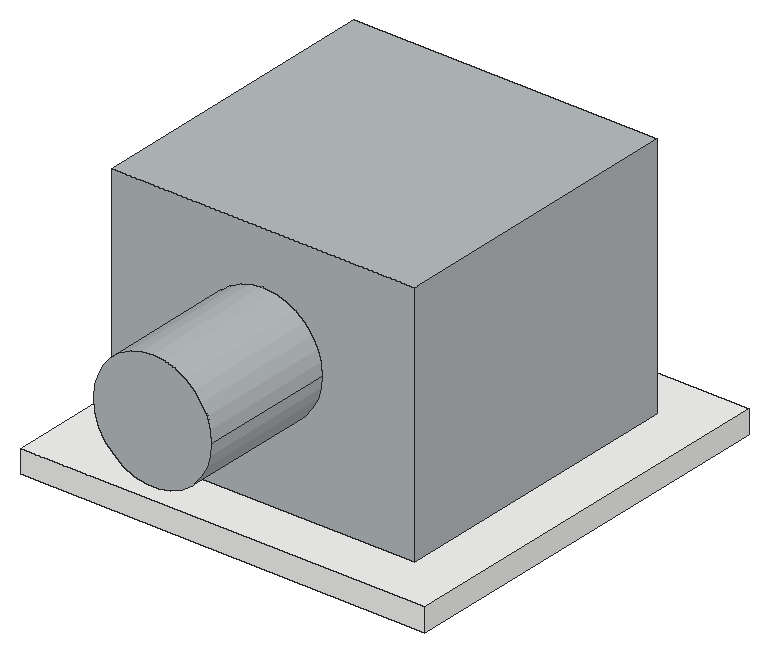
Revit family "vd-15_23zvx6_zvx7-c_50Hz", category 機械設備, Revit 2019
Family settings
  丸型コネクタ寸法 = 直径を使用
  パーツ タイプ = 標準
  OmniClass 番号 = 23.75.35.17.27
  OmniClass タイトル = Centrifugal Fans
  作業面ベース = いいえ
  常に垂直 = はい
  ロード時にボイドで切り取り = いいえ
  共有 = いいえ
  部屋計算ポイント = はい
Parameters (values of type "VD-15ZVX7-C")
  騒音レベル(dB(A)) [instance] = 41.5
  風量 [instance] = 280.0 m³/h
  電源種別 [instance] = ""
  電圧 = 100 V
  電動機出力 = 18.2 W
  電動機_種別 [instance] = ""
  運転質量 = 0.00 kg
  連動 [instance] = ""
  質量 = if(製品質量 > 運転質量, 製品質量, 運転質量) * 1.2  # 3.84 kg
  負荷分類 = 3_ファン類
  説明 = "ダクト用換気扇 低騒音形 インテリア格子タイプ 24時間換気機能付 定風量タイプ"
  設計風量 [instance] = 0.0 m³/h
  設置方法 = "天埋"
  記号 [instance] = ""
  製造元 = "三菱電機株式会社"
  製品質量 = 3.20 kg
  製品出荷対象 = "国内"
  製品リリース年月 = "2024年6月3日"
  製品グループ = ""
  系統 [instance] = ""
  符号 [instance] = if(☑給気／□排気, "FS", "FE")  # "FE"
  積算_科目 = "2 換気設備"
  積算_拾い区分 [instance] = ""
  相 = 1
  盤記号 [instance] = ""
  発停方法 [instance] = ""
  特殊仕様 [instance] = ""
  火災停止 [instance] = ""
  消費電力 = 20 W
  法定耐用年数 = "15"
  機外静圧 [instance] = 0.0 Pa
  極数 = 2
  材質 [instance] = ""
  操作・制御方式 = ""
  操作・制御スイッチ = ""
  排気量 [instance] = if(☑給気／□排気, 0.0 m³/h, 設計風量)  # 0.0 m³/h
  形式 = "天井埋込ダクト形"
  幹線記号 [instance] = ""
  対象室 [instance] = ""
  実風量 [instance] = 0.0 m³/h
  始動方式 [instance] = "直入"
  外気量 [instance] = if(☑給気／□排気, 設計風量, 0.0 m³/h)  # 0.0 m³/h
  呼称 = "天井扇"
  周波数 = 50 Hz
  参照している仕様書等のバージョン = ""
  分類コード = "50052503100030"
  分類グループ = ""
  価格 = 46800
  企業コード = "108420"
  付属品_防振装置 = ""
  付属品 [instance] = ""
  仕様書バージョン = "Version1.0"
  モデル = "VD-15ZVX7-C"
  マテリアル = 鋼板
  ファンの種類 = ""
  ダクト径 = 100 mm
  コメント [instance] = ""
  Keynote = ""
  カバーマテリアル = 合成樹脂(白)
  ☑給気／□排気 [instance] = no
  Width = 251 mm
  W1 = 335 mm
  Version = ""
  Uniclass2015Version = "Systems v1.9"
  Uniclass2015Title = "Centrifugal fans"
  Uniclass2015Code = "Pr_65_67_29_12"
  URL = "https://www.mitsubishielectric.co.jp/ldg/wink/ssl/displayProduct.do?pid=333632"
  SpecificationReference = ""
  SpecificationDescription = ""
  Revision = ""
  ProductInformation = ""
  OmniClassCode = "23-33 31 19 11 15"
  OAサイズ_D = 0 mm
  MIN風量 = 85.0 m³/h
  MIN静圧 = 110.0 Pa
  MID風量 = 160.0 m³/h
  MID静圧 = 135.0 Pa
  MAX風量 = 280.0 m³/h
  MAX静圧 = 0.0 Pa
  IfcTypeProduct = ""
  IfcProduct = ""
  IfcExportType = "PROPELLORAXIAL"
  IfcExportAs = "IfcFanType"
  Height = 204 mm
  H1 = 19 mm
  EAサイズ_D = 98 mm
  Duct_Height = 111 mm
  Duct_Depth = 114 mm
  Duct_Center = 0 mm
  Depth = 251 mm
  D1 = 335 mm
  Author = "三菱電機株式会社"
Types (5, lengths in mm): name | 騒音レベル(dB(A)) | 風量 | 電動機出力 | 質量 | 製品質量 | 製品リリース年月 | 消費電力 | 価格 | モデル | ダクト径 | Width | W1 | URL | MIN風量 | MIN静圧 | MID風量 | MID静圧 | MAX風量 | Height | H1 | EAサイズ_D | Duct_Height | Duct_Depth | Duct_Center | Depth | D1
  VD-15ZVX7-C | 41.5 | 280.0 m³/h | 18.2 W | 3.84 kg | 3.20 kg | "2024年6月3日" | 20 W | 46800 | "VD-15ZVX7-C" | 100 | 251 | 335 | "https://www.mitsubishielectric.co.jp/ldg/wink/ssl/displayProduct.do?pid=333632" | 85.0 m³/h | 110.0 Pa | 160.0 m³/h | 135.0 Pa | 280.0 m³/h | 204 | 19 | 98 | 111 | 114 | 0 | 251 | 335
  VD-18ZVX7-C | 39.5 | 430.0 m³/h | 17.6 W | 5.16 kg | 4.30 kg | "2024年6月3日" | 21 W | 55400 | "VD-18ZVX7-C" | 150 | 270 | 335 | "https://www.mitsubishielectric.co.jp/ldg/wink/ssl/displayProduct.do?pid=333662" | 180.0 m³/h | 60.0 Pa | 300.0 m³/h | 70.0 Pa | 430.0 m³/h | 243 | 19 | 144 | 135 | 142 | 67 | 270 | 335
  VD-20ZVX7-C | 45 | 550.0 m³/h | 32.5 W | 5.88 kg | 4.90 kg | "2024年6月3日" | 40 W | 66400 | "VD-20ZVX7-C" | 150 | 307 | 380 | "https://www.mitsubishielectric.co.jp/ldg/wink/ssl/displayProduct.do?pid=333530" | 230.0 m³/h | 80.0 Pa | 340.0 m³/h | 85.0 Pa | 550.0 m³/h | 243 | 20 | 144 | 135 | 142 | 86 | 307 | 380
  VD-23ZVX6-C | 48.5 | 800.0 m³/h | 65 W | 9.36 kg | 7.80 kg | "2022年6月1日" | 80 W | 89400 | "VD-23ZVX6-C" | 150 | 386 | 475 | "https://www.mitsubishielectric.co.jp/ldg/wink/ssl/displayProduct.do?pid=320795" | 260.0 m³/h | 90.0 Pa | 460.0 m³/h | 150.0 Pa | 800.0 m³/h | 266 | 22 | 144 | 162 | 142 | 111 | 386 | 475
  VD-25ZVX6-C | 51 | 900.0 m³/h | 60.5 W | 9.48 kg | 7.90 kg | "2022年6月1日" | 77 W | 92900 | "VD-25ZVX6-C" | 200 | 386 | 475 | "https://www.mitsubishielectric.co.jp/ldg/wink/ssl/displayProduct.do?pid=320808" | 360.0 m³/h | 70.0 Pa | 650.0 m³/h | 70.0 Pa | 900.0 m³/h | 266 | 22 | 192 | 162 | 85 | 111 | 386 | 475
Reference planes
  plane 1 "中心(正面/背面)": y = 0
  plane 2: z = 0
  plane 3 "中心(左/右)": x = 0
  plane 4: x = -167.5
  plane 5: x = 167.5
  plane 6: y = 167.5
  plane 7: y = -167.5
  plane 8: x = -125.5
  plane 9: x = 125.5
  plane 10: y = 125.5
  plane 11: y = -125.5
  plane 12: y = -239.5
  plane 13: z = 204
  plane 14: z = -19
  plane 15: z = 111
  plane 16: x = 0
Forms (mm)
  Extrusion 1, solid, material "鋼板" <- "マテリアル", detail levels fine
    sketch origin (0, 0, 0) x (1, 0, 0) y (0, 1, 0)
      loop
        line (-125.5, 125.5) -> (-125.5, -125.5) -> (125.5, -125.5) -> (125.5, 125.5) -> (-125.5, 125.5)
    from 0 to 204
  Extrusion 2, solid, material "合成樹脂(白)" <- "カバーマテリアル", detail levels fine
    sketch origin (0, 0, 0) x (1, 0, 0) y (0, 1, 0)
      loop
        line (-167.5, 167.5) -> (-167.5, -167.5) -> (167.5, -167.5) -> (167.5, 167.5) -> (-167.5, 167.5)
    from 0 to -19
  Extrusion 3, solid, material "鋼板" <- "マテリアル", detail levels fine
    sketch origin (0, 0, 0) x (1, 0, 0) y (0, 0, 1)
      loop
        circle (0, 111) r 49
    from 125.5 to 239.5
Dimensions and locks
  equal spacing: plane 4, plane 3 "中心(左/右)", plane 5
  "W1": plane 4 to plane 5
  equal spacing: plane 6, plane 1 "中心(正面/背面)", plane 7
  "D1": plane 6 to plane 7
  equal spacing: plane 8, plane 3 "中心(左/右)", plane 9
  "Width": plane 8 to plane 9
  equal spacing: plane 10, plane 1 "中心(正面/背面)", plane 11
  "Depth": plane 10 to plane 11
  "Duct_Depth": plane 11 to plane 12
  "Height": plane 13 to plane 2
  "Duct_Height": plane 15 to plane 2
  "H1": plane 2 to plane 14
  "Duct_Center": plane 3 "中心(左/右)" to plane 16
  "EAサイズ_D": diameter of Extrusion 3 sketch curve
  aligned and locked: level to plane 2
  aligned and locked: plane 5 to Extrusion 2
  aligned and locked: plane 6 to Extrusion 2
  aligned and locked: Extrusion 2 to plane 4
  aligned and locked: Extrusion 2 to plane 7
  aligned and locked: plane 9 to Extrusion 1
  aligned and locked: Extrusion 1 to plane 11
  aligned and locked: Extrusion 1 to plane 8
  aligned and locked: plane 10 to Extrusion 1
  aligned and locked: plane 13 to Extrusion 1
  aligned and locked: Extrusion 2 to plane 14
  aligned and locked: level to Extrusion 2
  aligned and locked: Extrusion 1 to level
  aligned and locked: Extrusion 3 to plane 12
  aligned and locked: plane 11 to Extrusion 3
Automatic sketch dimensions
  Extrusion 1 sketch curve to plane 3 "中心(左/右)" = 125.5 mm
  plane 3 "中心(左/右)" to Extrusion 1 sketch curve = 125.5 mm
  Extrusion 2 sketch curve to plane 3 "中心(左/右)" = 167.5 mm
  plane 3 "中心(左/右)" to Extrusion 2 sketch curve = 167.5 mm
  plane 1 "中心(正面/背面)" to Extrusion 1 sketch curve = 125.5 mm
  Extrusion 1 sketch curve to plane 1 "中心(正面/背面)" = 125.5 mm
  plane 1 "中心(正面/背面)" to Extrusion 2 sketch curve = 167.5 mm
  Extrusion 2 sketch curve to plane 1 "中心(正面/背面)" = 167.5 mm
  Extrusion 3 sketch curve to plane 15 = 0 mm
  Extrusion 3 sketch curve to plane 16 = 0 mm
Nested families
  nested 1: "記号_天井換気扇_平面" at (0, 0, 0), type "記号_天井換気扇_平面", detail levels coarse+medium
Connectors
  hvac at (0, -239.5, 111), driven by "ダクト径", driven by "風量", driven by "機外静圧"
    settings: on Extrusion 3, index 1, duct flow 280.0 m³/h, flow factor 0, pres drop 0.0 Pa, loss coef 0, conn angle 0.00°, conn width 304.8 mm, conn height 304.8 mm, conn diameter 100 mm, duct sys type 3, conn prof type 0, flow config 0, flow direction 2, loss method 4, conn ref index -1, conn util no, is conn primary yes, conn desc ""
  electrical at (0, 0, 204), driven by "極数", driven by "負荷分類", driven by "電圧", driven by "消費電力"
    settings: on Extrusion 1, index 2, voltage 100 V, apparent load 20 VA, apparent load phase1 0 VA, apparent load phase2 0 VA, apparent load phase3 0 VA, power factor 1, load classification "3_ファン類", number of poles 2, system type 30, power factor state 1, is connector primary yes, connector utility no, sub classification motor no, connector description ""
Definition of nested family "記号_天井換気扇_平面"
  Reference planes
    plane 1: y = 0
    plane 2: x = 0
  Lines and regions (mm)
    detail lines
      curve 1: line (-2.5, 2.5, 0) -> (2.5, 2.5, 0)
      curve 2: line (-2.5, -2.5, 0) -> (-2.5, 2.5, 0)
      curve 3: line (2.5, -2.5, 0) -> (-2.5, -2.5, 0)
      curve 4: line (2.5, 2.5, 0) -> (2.5, -2.5, 0)
      curve 5: circle (-1.04, -1.04, 0) r 1.46 normal (0, 0, 1)
      curve 6: circle (1.04, 1.04, 0) r 1.46 normal (0, 0, 1)
      curve 7: line (-3.125, 3.125, 0) -> (3.125, 3.125, 0)
      curve 8: line (-3.125, -3.125, 0) -> (-3.125, 3.125, 0)
      curve 9: line (3.125, -3.125, 0) -> (-3.125, -3.125, 0)
      curve 10: line (3.125, 3.125, 0) -> (3.125, -3.125, 0)
      curve 11: circle (1.295, 1.295, 0) r 1.83 normal (0, 0, 1)
      curve 12: circle (-1.295, -1.295, 0) r 1.83 normal (0, 0, 1)
      curve 13: line (-2, 2, 0) -> (2, 2, 0)
      curve 14: line (-2, -2, 0) -> (-2, 2, 0)
      curve 15: line (2, -2, 0) -> (-2, -2, 0)
      curve 16: line (2, 2, 0) -> (2, -2, 0)
      curve 17: circle (0.84, 0.84, 0) r 1.16 normal (0, 0, 1)
      curve 18: circle (-0.84, -0.84, 0) r 1.2 normal (0, 0, 1)
